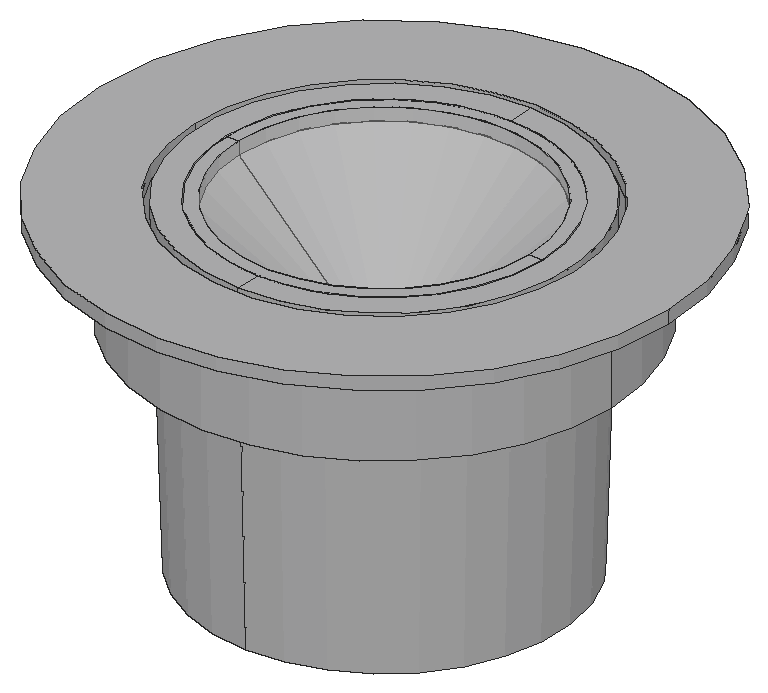
Revit family "3079381 Feilo Sylvania Lighting Fixture INSTAR PRO LED ADJ WH WW + DB", category Lighting Fixtures, host Face, Revit 2017
Family settings
  Host = Face
  Round Connector Dimension = Use Diameter
  Part Type = Normal
  OmniClass Number = 23.80.70.11.17
  OmniClass Title = Specialized Lighting by Location or Use
  Cut with Voids When Loaded = No
  Light Source = No
  Shared = No
  Room Calculation Point = No
Parameters (values of type "3079381 INSTAR PRO LED ADJ WH WW + DB")
  Weight = "7.24 kg"
  WarrantyStartDate [instance] = "n/a"
  WarrantyGuarantorParts = "n/a"
  WarrantyDurationUnit = "n/a"
  WarrantyDurationParts = "n/a"
  WarrantyDescription = "n/a"
  Voltage = 240 V
  URL = "http://www.sylvania-lighting.com"
  TypeName = "INSTAR PRO LED ADJ WH WW + DB"
  TypeHead_FEILO = Instar Pro Rotateable Head : 3079381 INSTAR PRO LED ADJ WH WW + DB
  SerialNumber [instance] = "n/a"
  PowerFactor = 0
  PowerConsumption = "12 W"
  NominalWidth = 0.0 mm
  NominalLength = 90.0 mm
  NominalHeight = 60.0 mm
  Name = "INSTAR PRO LED ADJ WH WW + DB"
  ModelReference = "INSTAR PRO LED ADJ WH WW + DB"
  ModelNumber = "3079381"
  Material_1_FEILO = Aluminum_Sylvania_Instar Eco Kit Adjustable SunDim_Bright
  RecessedDepth_FEILO = 138.0 mm
  Material = "aluminium housing, glass diffuser"
  ManufacturerName = "Feilo Sylvania"
  LuminousEfficacy = "58 lm/W"
  LuminaireType = ""
  LightOutputRatio = "100"
  LampsType = Lamp  # "LED"
  LampNominalLuminous = "810 lm"
  LampMacAdamStep = "n/a"
  LampColourTemperature = "3000 K"
  LampColourRenderingIndex = "0"
  Keynote = "16500"
  InstallationDate [instance] = "n/a"
  InputVoltage = "240V~"
  InputNominalFrequency = "n/a"
  IngressProtection = "IP20"
  ImpactProtectionIndex = "IK02"
  IfcExportType = "IfcLightFixtureType"
  IfcExportAs = "IfcLightFixtureType"
  ExpectedLife = 50000
  EndAngle_FEILO [instance] = FixtureTiltAngle_FEILO + 180.00°  # 180.00°
  ElectricShockClassification = "Class II"
  DurationUnit = "hours"
  DocumentationLiterature = "http://www.sylvania-lighting.com/product/en-int/products/3079381"
  DimmingControlOptions = "n/a"
  CreatedOn = "2/20/2018"
  CreatedBy = ""
  BarCode [instance] = "n/a"
  AssetType = "Fixed"
  AssetIdentifier [instance] = "n/a"
  AccessoryBodyOuterDiameter_FEILO = 62.0 mm
  Offset_FEILO = -5.3 mm  # constant formula
  Diameter_FEILO = AccessoryOuterDiameter_FEILO  # 90.0 mm
  AccessoryInnerDiameter_FEILO = 60.0 mm
  FixtureTiltAngle_FEILO [instance] = 0.00°
  CutoutDiameter_FEILO = 75.0 mm
  Material_2_FEILO = Aluminum_Sylvania_Instar Eco Kit Adjustable SunDim_White
  Material_3_FEILO = Aluminum_Sylvania_Instar Eco Kit Adjustable SunDim_White
  built-in parameter 1114216 [instance] = 1 (stored number, unit not read)
  Model = "INSTAR PRO LED ADJ WH WW + DB"
  Manufacturer = "Feilo Sylvania"  # constant formula
  Lamp = "LED"
  Material_4_FEILO = Glass_Sylvania_Instar Eco Kit Adjustable SunDim_Clear
  Description = "Utilsing SunDim technology to acheive warmer colour temperature as the fitting is dimmed. Incredible colour quality with 92  to 94 CRI. 12W LED white downlight. Ideal for hospitality accent and display lighting applications such as bathrooms, wellness areas, terraces or porches. Choice of fixed, adjustable and dimmable fixed versions. Comes complete and ready to install with its driver. Available in white and brushed aluminium finishes. Outstanding performace, up to 545lm - at 3,000K. A small 68mm round cut out is required, giving the ability to place your light source almost anywhere due to a shallow luminaire depth of 49.9mm. Quick and easy to install. No UV or IR radiations. LED technology provides energy efficient solution and reduced maintenance costs"  # constant formula
  Default Elevation = 0.0 mm
  built-in parameter 1140040 [instance] = 1
  Assembly Code = "D5020200"
  Apparent Load = 12 VA
  AccessoryBodyInnerDiameter_FEILO = 72.0 mm
  AccessoryOuterDiameter_FEILO = AccessoryBodyInnerDiameter_FEILO + 18.0 mm  # 90.0 mm
Reference planes
  plane 1 "Center (Front/Back)": y = 0
  plane 2: z = 0
  plane 3 "Center (Left/Right)": x = 0
  plane 4 "Fixture Bottom": z = 2
  plane 5 "Accessory Top": z = -15
  plane 6 "Rotation Plane": z = -5.29
  plane 7: y = 5
  plane 8: y = -5
  plane 9: x = -5
Forms (mm)
  Extrusion 1, void
    sketch origin (0, 0, 58) x (-1, 0, 0) y (0, -1, 0)
      loop
        circle (0, 0) r 37.5
    from -376.952 to -56
  Extrusion 2, solid, material "Aluminum_Sylvania_Instar Eco Kit Adjustable SunDim_White" <- "Material_3_FEILO"
    sketch origin (0, 0, 58) x (-1, 0, 0) y (0, -1, 0)
      loop
        circle (0, 0) r 45
      loop
        circle (0, 0) r 30
    from -58 to -56
  Extrusion 3, solid, material "Aluminum_Sylvania_Instar Eco Kit Adjustable SunDim_White" <- "Material_3_FEILO"
    sketch origin (0, 0, 58) x (-1, 0, 0) y (0, -1, 0)
      loop
        circle (0, 0) r 36
      loop
        circle (0, 0) r 31
    from -73 to -58
  Revolve 4, solid, not visible
    sketch origin (1.164, -4572, -5.29) x (-1, 0, 0) y (0, -1, 0)
      loop
        line (1.164, -4577) -> (6.164, -4577) -> (6.164, -4567) -> (1.164, -4567) -> (1.164, -4577)
      axis (1.164, -4577) -> (1.164, -4567)
    angle from 0 <- "FixtureTiltAngle_FEILO" to 180 <- "EndAngle_FEILO"
Cuts and joins
  joined: Extrusion 2, Extrusion 3
Dimensions and locks
  locked: plane 4 "Fixture Bottom" to plane 2 at 2
  locked: plane 2 to plane 5 "Accessory Top" at 15
  locked: plane 2 to plane 6 "Rotation Plane" at 5.29
  plane 8 to plane 1 "Center (Front/Back)" to plane 7 = 5.0 mm locked, 5.0 mm locked
  locked: plane 9 to plane 3 "Center (Left/Right)" at 5
  "AccessoryOuterDiameter_FEILO": diameter of Extrusion 2 sketch curve
  "AccessoryInnerDiameter_FEILO": diameter of Extrusion 2 sketch curve
  "AccessoryBodyOuterDiameter_FEILO": diameter of Extrusion 3 sketch curve
  "AccessoryBodyInnerDiameter_FEILO": diameter of Extrusion 3 sketch curve
  "CutoutDiameter_FEILO": diameter of Extrusion 1 sketch curve
  aligned and locked: plane 2 to host face
  aligned and locked: level to host face
  aligned and locked: Extrusion 2 to plane 2
  aligned and locked: Extrusion 2 to plane 4 "Fixture Bottom"
  aligned and locked: plane 2 to Extrusion 3
  aligned and locked: Extrusion 3 to plane 5 "Accessory Top"
  aligned and locked: plane 4 "Fixture Bottom" to Extrusion 1
  aligned and locked: plane 3 "Center (Left/Right)" to Revolve 4 sketch curve
  aligned and locked: Revolve 4 sketch curve to plane 3 "Center (Left/Right)"
  aligned and locked: plane 8 to Revolve 4 sketch curve
  aligned and locked: Revolve 4 sketch curve to plane 7
  aligned and locked: Revolve 4 sketch curve to plane 9
  aligned and locked: nested 1 to Revolve 4
Automatic sketch dimensions
  host sketch curve to host sketch curve = 345.0 mm
  host sketch curve to host sketch curve = 280.0 mm
  Revolve 4 sketch curve to plane 3 "Center (Left/Right)" = 0.0 mm  (x2)
  Revolve 4 sketch curve to plane 7 = 806.717 mm
  plane 8 to Revolve 4 sketch curve = 758.171 mm
  plane 1 "Center (Front/Back)" to Extrusion 1 sketch curve = 0.0 mm
  Extrusion 1 sketch curve to plane 3 "Center (Left/Right)" = 0.0 mm
  Extrusion 2 sketch curve to Extrusion 2 sketch curve = 0.0 mm  (x2)
  plane 1 "Center (Front/Back)" to Extrusion 2 sketch curve = 0.0 mm
  Extrusion 2 sketch curve to plane 3 "Center (Left/Right)" = 0.0 mm
  Extrusion 3 sketch curve to Extrusion 3 sketch curve = 0.0 mm  (x2)
  plane 1 "Center (Front/Back)" to Extrusion 3 sketch curve = 0.0 mm
  Extrusion 3 sketch curve to plane 3 "Center (Left/Right)" = 0.0 mm
Nested families
  nested 1: "Instar Pro Rotateable Head" at (-1.973, 0, 0.01) x (0, -1, 0) z (0, 0, -1), type <- "TypeHead_FEILO", type "3079381 INSTAR PRO LED ADJ WH WW + DB"
Definition of nested family "Instar Pro Rotateable Head"
  Parameters (values of type "3079384 INSTAR PRO LED ADJ BA NW + DB")
    Wattage = 13 W
    built-in parameter 1150110 = 1 (stored number, unit not read)
    URL = "http://www.feilosylvania.com"
    built-in parameter 1114217 = 1 (stored number, unit not read)
    Tilt Angle = 90.00°
    built-in parameter 1150109 = 1 (stored number, unit not read)
    built-in parameter 1150134 = 12
    built-in parameter 1150113 = 1 (stored number, unit not read)
    Model = "INSTAR PRO LED ADJ BA NW + DB"
    Material_1_FEILO = none
    Photometric Web File = "3079384.ies"
    Outer Radius = 29.0 mm
    Manufacturer = "Feilo Sylvania"
    built-in parameter 1150105 = 1200.1 (stored number, unit not read)
    Lumens = 780 lm
    built-in parameter 1150115 = 1 (stored number, unit not read)
    built-in parameter 1150137 = (empty or 0)
    built-in parameter 1150139 = (empty or 0)
    built-in parameter 1150112 = 1 (stored number, unit not read)
    built-in parameter 1150114 = 1 (stored number, unit not read)
    Lamp = "LED"
    Keynote = "16500"
    Inner Radius = Outer Radius - 4.0 mm  # 25.0 mm
    built-in parameter 1150132 = 2
    built-in parameter 1150102 = (empty or 0)
    built-in parameter 1150107 = 4000 (stored number, unit not read)
    built-in parameter 1150138 = (empty or 0)
    built-in parameter 1150106 = 12.001 (stored number, unit not read)
    Height = 50.0 mm
    Emit from Circle Diameter = Diffuser Radius * 2  # 46.0 mm
    Emit Shape Visible in Rendering = no
    built-in parameter 1150104 = 5.5742 (stored number, unit not read)
    Dimming Lamp Color Temperature Shift = (empty or 0)
    Diffuser Radius = Outer Radius - 6.0 mm  # 23.0 mm
    Material_2_FEILO = none
    Description = ""
    Default Elevation = 0.0 mm
    Color Filter = 16777215
    Material_3_FEILO = none
    built-in parameter 1114218 = 1 (stored number, unit not read)
    built-in parameter 1150133 = 10 (stored number, unit not read)
    Assembly Code = "D5020200"
    Apparent Load = 13 VA
  Types (4, lengths in mm): name | Wattage | built-in parameter 1150134 | Model | Photometric Web File | built-in parameter 1150105 | Lumens | built-in parameter 1150107 | built-in parameter 1150106 | built-in parameter 1150104 | Apparent Load
    3079384 INSTAR PRO LED ADJ BA NW + DB | 13 W | 12 | "INSTAR PRO LED ADJ BA NW + DB" | "3079384.ies" | 1200.1 (stored number, unit not read) | 780 lm | 4000 (stored number, unit not read) | 12.001 (stored number, unit not read) | 5.5742 (stored number, unit not read) | 13 VA
    3079383 INSTAR PRO LED ADJ BA WW + DB | 12 W | (empty or 0) | "INSTAR PRO LED ADJ BA WW + DB" | "3079383.ies" | 1023.3 (stored number, unit not read) | 696 lm | 3000 (stored number, unit not read) | 10.233 (stored number, unit not read) | 5.3884 (stored number, unit not read) | 12 VA
    3079382 INSTAR PRO LED ADJ WH NW + DB | 13 W | 12 | "INSTAR PRO LED ADJ WH NW + DB" | "3079382.ies" | 1200.1 (stored number, unit not read) | 780 lm | 4000 (stored number, unit not read) | 12.001 (stored number, unit not read) | 5.5742 (stored number, unit not read) | 13 VA
    3079381 INSTAR PRO LED ADJ WH WW + DB | 12 W | (empty or 0) | "INSTAR PRO LED ADJ WH WW + DB" | "3079381.ies" | 1023.3 (stored number, unit not read) | 696 lm | 3000 (stored number, unit not read) | 10.233 (stored number, unit not read) | 5.3884 (stored number, unit not read) | 12 VA
  Reference planes
    plane 1 "Center (Front/Back)": y = -1.973
    plane 2: z = 0
    plane 3 "Center (Left/Right)": x = 0
    plane 4: z = -2
    plane 5: z = 50
    plane 6: z = 46
    plane 7: z = 5.3
  Forms (mm)
    Revolve 1, solid, material <- "Material_1_FEILO", detail levels fine
      sketch origin (0, 0, 0) x (0, 1, 0) y (0, 0, 1)
        loop
          line (23.027, -2) -> (17.433, 17) -> (-1.973, 17) -> (-1.973, 15) -> (5.129, 15) -> (21.027, 0) -> (21.027, -2) -> (23.027, -2)
        axis (-1.973, 17) -> (-1.973, -2)
      angle from 0 to 360
    Extrusion 2, solid, material <- "Material_2_FEILO", detail levels fine
      sketch origin (0, 0, 0) x (1, 0, 0) y (0, 1, 0)
        loop
          circle (0, -1.973) r 23
      from -2 to 0
    Revolve 3, solid, material <- "Material_3_FEILO", detail levels fine
      sketch origin (0, -1.973, 0) x (1, 0, 0) y (0, 0, 1)
        loop
          line (-29, -2) -> (-25, -2) -> (-23.5, 46) -> (0, 46) -> (0, 50) -> (-27.375, 50) -> (-29, -2)
        axis (0, 50) -> (0, -2)
      angle from 0 to 360
    Revolve 4, solid, material <- "Material_3_FEILO", detail levels coarse+medium
      sketch origin (0, -1.973, 0) x (1, 0, 0) y (0, 0, 1)
        loop
          line (-29, -2) -> (0, -2) -> (0, 50) -> (-22, 50) -> (-29, -2)
        axis (0, 50) -> (0, -2)
      angle from 0 to 360
  Dimensions and locks
    "Outer Radius": plane 3 "Center (Left/Right)" to Revolve 3 sketch curve
    locked: Revolve 3 sketch curve to Revolve 3 sketch curve at 4
    locked: Revolve 3 sketch curve to Revolve 3 sketch curve at 3.998
    "Inner Radius": Revolve 1 sketch curve to plane 1 "Center (Front/Back)"
    locked: Revolve 1 sketch curve to Revolve 1 sketch curve at 2
    locked: plane 7 to plane 2 at 5.3
    "Outer Radius": imposter light to Revolve 4 sketch curve
    locked: level to plane 4 at 2
    locked: plane 5 to plane 6 at 4
    "Height": plane 5 to level
    "Diffuser Radius": radius of Extrusion 2 sketch curve
    aligned and locked: level to plane 2
    aligned and locked: Revolve 1 sketch curve to plane 4
    aligned and locked: plane 1 "Center (Front/Back)" to Revolve 1 sketch curve
    aligned and locked: Revolve 1 sketch curve to plane 1 "Center (Front/Back)"
    aligned and locked: plane 4 to Revolve 1 sketch curve
    aligned and locked: plane 2 to Revolve 1 sketch curve
    aligned and locked: Revolve 1 sketch curve to Revolve 1 sketch curve
    aligned and locked: Extrusion 2 to plane 4
    aligned and locked: plane 2 to Extrusion 2
    aligned and locked: Revolve 3 sketch curve to plane 5
    aligned and locked: Revolve 3 sketch curve to plane 6
    aligned and locked: Revolve 3 sketch curve to plane 3 "Center (Left/Right)"  (x2)
    aligned and locked: plane 3 "Center (Left/Right)" to imposter light
    aligned and locked: plane 1 "Center (Front/Back)" to imposter light
    aligned and locked: plane 4 to imposter light
    aligned and locked: Revolve 4 sketch curve to plane 5
    aligned and locked: Revolve 4 sketch curve to plane 4
    aligned and locked: Revolve 4 sketch curve to plane 3 "Center (Left/Right)"
  Automatic sketch dimensions
    Revolve 1 sketch curve to plane 1 "Center (Front/Back)" = 7.102 mm
    Revolve 1 sketch curve to Revolve 1 sketch curve = 12.304 mm
    Revolve 1 sketch curve to plane 7 = 9.7 mm
    Revolve 1 sketch curve to Revolve 1 sketch curve = 2.0 mm
    Revolve 1 sketch curve to plane 4 = 14.644 mm
    Revolve 1 sketch curve to plane 6 = 11.383 mm
    plane 1 "Center (Front/Back)" to Extrusion 2 sketch curve = 0.0 mm
    Extrusion 2 sketch curve to plane 3 "Center (Left/Right)" = 0.0 mm
    Revolve 3 sketch curve to plane 4 = 0.0 mm
    Revolve 3 sketch curve to plane 4 = 30.928 mm
    Revolve 3 sketch curve to Revolve 3 sketch curve = 20.072 mm
    Revolve 4 sketch curve to plane 3 "Center (Left/Right)" = 0.0 mm
    Revolve 4 sketch curve to plane 3 "Center (Left/Right)" = 22.0 mm
    Revolve 4 sketch curve to plane 4 = 30.928 mm
    Revolve 4 sketch curve to Revolve 4 sketch curve = 20.072 mm
